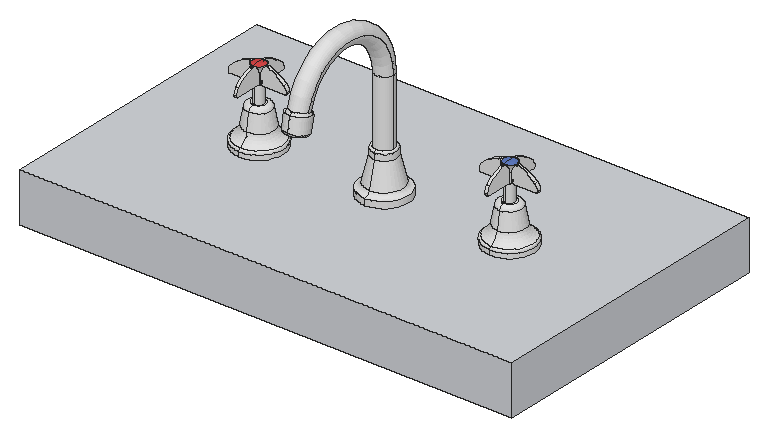
Revit family
Parameters (values of type "49809 (Ceramic Disc)")
  WELSRating_ANZRS = "5 star"
  URL = "www.galvinengineering.com.au"
  Type Comments = "Vendal Resistant"
  StyleOrType_ANZRS = "Plumbing Fixture"
  Seating = "1/2 Turn Ceramic Disc"
  PlumbingMaterial_ANZRS = Metal_Taps_DR-Brass-with-Chrome-Finish_10800
  Outlet = ""
  ModifiedIssue_ANZRS = 20120629.01  # constant formula
  Model = "49809"
  Manufacturer = "Galvin Engineering"
  Keynote = "15400"
  Instructions = "http://www.galvinengineering.com.au/Installation_Guides_1.aspx"
  Inlet = "15mm BSP"
  FlowRate = 0.10 L/s
  FilterObject_ANZRS = "Vendal Resistant"
  DimWidth = 255 mm  # constant formula
  DimInletRadius = 7.5 mm  # constant formula
  DimHeight = 175 mm  # constant formula
  DimDepth = 110 mm  # constant formula
  Description = "Vandal Resistant Basin Set - Ceramic Disc"
  Default Elevation = 900 mm
  CreatedBy_ANZRS = "Galvin Engineering"  # constant formula
  CreatedByURL_ANZRS = "www.galvinengineering.com.au"
  CreatedByPhoneNo_ANZRS = "61-8-92495900"  # constant formula
  Assembly Code = "D2010"
Types (3, lengths in mm): name | Seating | Model | Description
  (no name) | "1/2 Turn Ceramic Disc" | "49809" | "Vandal Resistant Basin Set - Ceramic Disc"
  49908 (Jumper Valve) | "Jumper Valve" | "49908" | "Vandal Resistant Basin Set - Jumper Valve"
  49809 (Ceramic Disc) | "1/2 Turn Ceramic Disc" | "49809" | "Vandal Resistant Basin Set - Ceramic Disc"
Reference planes
  plane 1 "Back": y = 0
  plane 2 "Face": z = 0
  plane 3 "Center (Left/Right)": x = 0
  plane 4 "Left": x = -127.5
  plane 5 "Right": x = 127.5
  plane 6 "Top": z = 175
  plane 7 "Front": y = -110
Forms (mm)
  Extrusion 1, solid
    sketch origin (0, -719.2, 0) x (1, 0, 0) y (0, 1, 0)
      loop
        line (-250, 869.2) -> (-250, 569.2) -> (250, 569.2) -> (250, 869.2) -> (-250, 869.2)
    from 0 to -50
  Revolve 2, solid, material "Metal_Taps_DR-Brass-with-Chrome-Finish_10800" <- "PlumbingMaterial_ANZRS"
    sketch origin (-127.5, 0, 0) x (0, 1, 0) y (0, 0, 1)
      loop
        line (0, 74.436) -> (-7.407, 74.436)
        arc (-7.407, 74.436) -> (-3.989, 70.707) -> (-2.75, 65.802) r 10.333
        line (-2.75, 65.802) -> (-2.75, 56.036) -> (-4.919, 56.036) -> (-4.919, 39) -> (-7.33, 39)
        arc (-7.33, 39) -> (-10.552, 37.823) -> (-12.258, 34.846) r 5
        line (-12.258, 34.846) -> (-15.129, 18.129)
        arc (-15.129, 18.129) -> (-17.907, 11.675) -> (-23.319, 7.195) r 15
        arc (-23.319, 7.195) -> (-24.545, 6.088) -> (-25, 4.5) r 3
        line (-25, 4.5) -> (-25, 0) -> (0, 0) -> (0, 74.436)
      axis (0, 0) -> (0, 74.436)
    angle from 0 to 360
  Extrusion 3, solid, material "Metal_Taps_DR-Brass-with-Chrome-Finish_10800" <- "PlumbingMaterial_ANZRS"
    sketch origin (-127.5, 0, 0) x (0, 1, 0) y (0, 0, 1)
      loop
        line (-27.98, 56.036) -> (28.02, 56.036)
        arc (28.02, 56.036) -> (29.11, 56.505) -> (29.518, 57.62) r 1.5
        arc (29.518, 57.62) -> (28.88, 61.161) -> (26.905, 64.169) r 9
        arc (26.905, 64.169) -> (19.204, 70.219) -> (10.263, 74.216) r 40
        arc (10.263, 74.216) -> (9.538, 74.381) -> (8.796, 74.436) r 5
        line (8.796, 74.436) -> (-8.62, 74.436)
        arc (-8.62, 74.436) -> (-9.363, 74.38) -> (-10.09, 74.215) r 5
        arc (-10.09, 74.215) -> (-19.14, 70.144) -> (-26.909, 63.971) r 40
        arc (-26.909, 63.971) -> (-28.831, 61.029) -> (-29.479, 57.576) r 9
        arc (-29.479, 57.576) -> (-29.054, 56.49) -> (-27.98, 56.036) r 1.5
    from -1.5 to 1.5
  Revolve 4, solid, material "Plastic_Taps_Red_10800"
    sketch origin (-127.5, 0, 0) x (0, 1, 0) y (0, 0, 1)
      loop
        line (0, 74.436) -> (0, 75.522)
        spline (0, 75.522) -> (-0.816, 75.513) -> (-1.618, 75.485) -> (-2.392, 75.44) -> (-3.125, 75.377) -> (-3.805, 75.298) -> (-4.419, 75.204) -> (-4.958, 75.097) -> (-5.413, 74.979) -> (-5.774, 74.852) -> (-6.037, 74.717) -> (-6.197, 74.578) -> (-6.25, 74.436)
        line (-6.25, 74.436) -> (0, 74.436)
      axis (0, 74.436) -> (0, 75.522)
    angle from 0 to 360
  Extrusion 5, solid, material "Metal_Taps_DR-Brass-with-Chrome-Finish_10800" <- "PlumbingMaterial_ANZRS"
    sketch origin (0, 0, 0) x (1, 0, 0) y (0, 0, 1)
      loop
        arc (-99.501, 56.036) -> (-98.426, 56.49) -> (-98.001, 57.576) r 1.5
        arc (-98.001, 57.576) -> (-98.65, 61.029) -> (-100.571, 63.971) r 9
        arc (-100.571, 63.971) -> (-108.341, 70.144) -> (-117.391, 74.215) r 40
        arc (-117.391, 74.215) -> (-118.117, 74.38) -> (-118.86, 74.436) r 5
        line (-118.86, 74.436) -> (-136.277, 74.436)
        arc (-136.277, 74.436) -> (-137.018, 74.381) -> (-137.743, 74.216) r 5
        arc (-137.743, 74.216) -> (-146.684, 70.219) -> (-154.385, 64.169) r 40
        arc (-154.385, 64.169) -> (-156.36, 61.161) -> (-156.999, 57.62) r 9
        arc (-156.999, 57.62) -> (-156.591, 56.505) -> (-155.501, 56.036) r 1.5
        line (-155.501, 56.036) -> (-99.501, 56.036)
    from -1.5 to 1.5
  Revolve 6, solid, material "Metal_Taps_DR-Brass-with-Chrome-Finish_10800" <- "PlumbingMaterial_ANZRS"
    sketch origin (127.5, 0, 0) x (0, 1, 0) y (0, 0, -1)
      loop
        line (0, -74.436) -> (0, 0) -> (-25, 0) -> (-25, -4.5)
        arc (-25, -4.5) -> (-24.545, -6.088) -> (-23.319, -7.195) r 3
        arc (-23.319, -7.195) -> (-17.907, -11.675) -> (-15.129, -18.129) r 15
        line (-15.129, -18.129) -> (-12.258, -34.846)
        arc (-12.258, -34.846) -> (-10.552, -37.823) -> (-7.33, -39) r 5
        line (-7.33, -39) -> (-4.919, -39) -> (-4.919, -56.036) -> (-2.75, -56.036) -> (-2.75, -65.802)
        arc (-2.75, -65.802) -> (-3.989, -70.707) -> (-7.407, -74.436) r 10.333
        line (-7.407, -74.436) -> (0, -74.436)
      axis (0, 0) -> (0, -74.436)
    angle from 0 to 360
  Extrusion 7, solid, material "Metal_Taps_DR-Brass-with-Chrome-Finish_10800" <- "PlumbingMaterial_ANZRS"
    sketch origin (127.5, 0, 0) x (0, 1, 0) y (0, 0, -1)
      loop
        arc (-27.98, -56.036) -> (-29.054, -56.49) -> (-29.479, -57.576) r 1.5
        arc (-29.479, -57.576) -> (-28.831, -61.029) -> (-26.909, -63.971) r 9
        arc (-26.909, -63.971) -> (-19.14, -70.144) -> (-10.09, -74.215) r 40
        arc (-10.09, -74.215) -> (-9.363, -74.38) -> (-8.62, -74.436) r 5
        line (-8.62, -74.436) -> (8.796, -74.436)
        arc (8.796, -74.436) -> (9.538, -74.381) -> (10.263, -74.216) r 5
        arc (10.263, -74.216) -> (19.204, -70.219) -> (26.905, -64.169) r 40
        arc (26.905, -64.169) -> (28.88, -61.161) -> (29.518, -57.62) r 9
        arc (29.518, -57.62) -> (29.11, -56.505) -> (28.02, -56.036) r 1.5
        line (28.02, -56.036) -> (-27.98, -56.036)
    from -1.5 to 1.5
  Revolve 8, solid, material "Plastic_Taps_Blue_10800"
    sketch origin (127.5, 0, 0) x (0, 1, 0) y (0, 0, -1)
      loop
        line (0, -74.436) -> (-6.25, -74.436)
        spline (-6.25, -74.436) -> (-6.197, -74.578) -> (-6.037, -74.717) -> (-5.774, -74.852) -> (-5.413, -74.979) -> (-4.958, -75.097) -> (-4.419, -75.204) -> (-3.805, -75.298) -> (-3.125, -75.377) -> (-2.392, -75.44) -> (-1.618, -75.485) -> (-0.816, -75.513) -> (0, -75.522)
        line (0, -75.522) -> (0, -74.436)
      axis (0, -74.436) -> (0, -75.522)
    angle from 0 to 360
  Extrusion 9, solid, material "Metal_Taps_DR-Brass-with-Chrome-Finish_10800" <- "PlumbingMaterial_ANZRS"
    sketch origin (0, 0, 0) x (-1, 0, 0) y (0, 0, -1)
      loop
        line (-99.501, -56.036) -> (-155.501, -56.036)
        arc (-155.501, -56.036) -> (-156.591, -56.505) -> (-156.999, -57.62) r 1.5
        arc (-156.999, -57.62) -> (-156.36, -61.161) -> (-154.385, -64.169) r 9
        arc (-154.385, -64.169) -> (-146.684, -70.219) -> (-137.743, -74.216) r 40
        arc (-137.743, -74.216) -> (-137.018, -74.381) -> (-136.277, -74.436) r 5
        line (-136.277, -74.436) -> (-118.86, -74.436)
        arc (-118.86, -74.436) -> (-118.117, -74.38) -> (-117.391, -74.215) r 5
        arc (-117.391, -74.215) -> (-108.341, -70.144) -> (-100.571, -63.971) r 40
        arc (-100.571, -63.971) -> (-98.65, -61.029) -> (-98.001, -57.576) r 9
        arc (-98.001, -57.576) -> (-98.426, -56.49) -> (-99.501, -56.036) r 1.5
    from -1.5 to 1.5
  Revolve 10, solid, material "Metal_Taps_DR-Brass-with-Chrome-Finish_10800" <- "PlumbingMaterial_ANZRS"
    sketch origin (0, 0, 0) x (0, 1, 0) y (0, 0, 1)
      loop
        line (0, 44.5) -> (-10, 44.5)
        arc (-10, 44.5) -> (-11.414, 43.914) -> (-12, 42.5) r 2
        line (-12, 42.5) -> (-12, 36.5) -> (-18.433, 11.031)
        arc (-18.433, 11.031) -> (-20.563, 7.766) -> (-24.25, 6.5) r 6
        line (-24.25, 6.5) -> (-24.25, 0) -> (0, 0) -> (0, 44.5)
      axis (0, 0) -> (0, 44.5)
    angle from 0 to 360
  Sweep 11, solid, material "Metal_Taps_DR-Brass-with-Chrome-Finish_10800" <- "PlumbingMaterial_ANZRS"
    path origin (0, 0, 0) x (0, 1, 0) y (0, 0, 1)
      loop
        arc (-109.051, 118.174) -> (-51.515, 166.41) -> (0, 111.791) r 54.712
        line (0, 111.791) -> (0, 44.5)
    profile origin (0, 0, 78.146) x (1, 0, 0) y (0, 1, 0)
      loop
        circle (0, 0) r 9.5
  Revolve 12, solid, material "Metal_Taps_DR-Brass-with-Chrome-Finish_10800" <- "PlumbingMaterial_ANZRS"
    sketch origin (0, 0, 0) x (0, 1, 0) y (0, 0, 1)
      loop
        line (-120.239, 123.841) -> (-122.931, 108.577)
        arc (-122.931, 108.577) -> (-122.682, 107.456) -> (-121.714, 106.839) r 1.5
        line (-121.714, 106.839) -> (-120.237, 106.579) -> (-117.285, 123.32) -> (-108.717, 121.81) -> (-108.196, 124.764) -> (-117.489, 126.403) -> (-119.057, 123.633) -> (-120.239, 123.841)
      axis (-108.196, 124.764) -> (-111.669, 105.068)
    angle from 0 to 360
Cuts and joins
  joined: Sweep 11, Revolve 12
Dimensions and locks
  "DimHeight": plane 2 "Face" to plane 6 "Top"
  "DimWidth": plane 4 "Left" to plane 5 "Right"
  "DimDepth": plane 1 "Back" to plane 7 "Front"
  aligned and locked: plane 2 "Face" to Extrusion 1
  aligned and locked: level to Extrusion 1
Automatic sketch dimensions
  Extrusion 1 sketch curve to Extrusion 1 sketch curve = 500 mm
  Extrusion 1 sketch curve to Extrusion 1 sketch curve = 300 mm
  Revolve 2 sketch curve to level = 0 mm
  Revolve 2 sketch curve to plane 1 "Back" = 0 mm  (x2)
  plane 1 "Back" to Revolve 2 sketch curve = 2.75 mm
  plane 1 "Back" to Revolve 2 sketch curve = 4.919 mm
  Revolve 2 sketch curve to Revolve 2 sketch curve = 2.411 mm
  plane 1 "Back" to Revolve 2 sketch curve = 7.407 mm
  Revolve 2 sketch curve to Revolve 2 sketch curve = 4.928 mm
  Revolve 2 sketch curve to Revolve 2 sketch curve = 10.333 mm
  plane 1 "Back" to Revolve 2 sketch curve = 15.129 mm
  level to Revolve 2 sketch curve = 4.5 mm
  Revolve 2 sketch curve to Revolve 2 sketch curve = 6.871 mm
  Revolve 2 sketch curve to Revolve 2 sketch curve = 1.319 mm
  Revolve 2 sketch curve to Revolve 2 sketch curve = 0 mm
  Revolve 2 sketch curve to Revolve 2 sketch curve = 3 mm
  Revolve 2 sketch curve to Revolve 2 sketch curve = 14.784 mm
  Revolve 2 sketch curve to Revolve 2 sketch curve = 14.703 mm
  Revolve 2 sketch curve to Revolve 2 sketch curve = 15.871 mm
  Revolve 2 sketch curve to Revolve 2 sketch curve = 0.846 mm
  Revolve 2 sketch curve to Revolve 2 sketch curve = 17.036 mm
  Revolve 2 sketch curve to Revolve 2 sketch curve = 9.766 mm
  Revolve 2 sketch curve to Revolve 2 sketch curve = 8.161 mm
  plane 1 "Back" to Extrusion 3 sketch curve = 29.479 mm
  Extrusion 3 sketch curve to Extrusion 3 sketch curve = 1.499 mm
  Extrusion 3 sketch curve to Extrusion 3 sketch curve = 1.07 mm
  Extrusion 3 sketch curve to Extrusion 3 sketch curve = 0 mm  (x4)
  Extrusion 3 sketch curve to Extrusion 3 sketch curve = 7.5 mm  (x2)
  plane 1 "Back" to Extrusion 3 sketch curve = 10.09 mm
  Extrusion 3 sketch curve to Extrusion 3 sketch curve = 1.47 mm
  plane 1 "Back" to Extrusion 3 sketch curve = 1.47 mm
  Extrusion 3 sketch curve to plane 1 "Back" = 1.667 mm
  Extrusion 3 sketch curve to plane 1 "Back" = 8.796 mm
  Extrusion 3 sketch curve to Extrusion 3 sketch curve = 1.467 mm
  Extrusion 3 sketch curve to Extrusion 3 sketch curve = 11.724 mm
  Extrusion 3 sketch curve to Extrusion 3 sketch curve = 6.384 mm
  Extrusion 3 sketch curve to Extrusion 3 sketch curve = 1.498 mm
  level to Extrusion 3 sketch curve = 35.976 mm
  Extrusion 3 sketch curve to Extrusion 3 sketch curve = 0.006 mm
  Extrusion 3 sketch curve to Extrusion 3 sketch curve = 20.054 mm
  Extrusion 3 sketch curve to Extrusion 3 sketch curve = 1.5 mm
  Revolve 4 sketch curve to plane 1 "Back" = 0 mm  (x2)
  plane 1 "Back" to Revolve 4 sketch curve = 6.25 mm
  level to Revolve 4 sketch curve = 68.546 mm
  Revolve 4 sketch curve to Revolve 4 sketch curve = 5.89 mm
  Revolve 4 sketch curve to Revolve 4 sketch curve = 1.086 mm
  Revolve 4 sketch curve to Revolve 4 sketch curve = 6.727 mm
  Extrusion 5 sketch curve to plane 4 "Left" = 29.499 mm
  Extrusion 5 sketch curve to Extrusion 5 sketch curve = 1.498 mm
  Extrusion 5 sketch curve to Extrusion 5 sketch curve = 1.116 mm
  Extrusion 5 sketch curve to Extrusion 5 sketch curve = 0 mm  (x4)
  Extrusion 5 sketch curve to Extrusion 5 sketch curve = 7.5 mm  (x2)
  Extrusion 5 sketch curve to plane 4 "Left" = 10.243 mm
  Extrusion 5 sketch curve to Extrusion 5 sketch curve = 1.467 mm
  Extrusion 5 sketch curve to plane 4 "Left" = 1.647 mm
  plane 4 "Left" to Extrusion 5 sketch curve = 1.49 mm
  plane 4 "Left" to Extrusion 5 sketch curve = 8.64 mm
  Extrusion 5 sketch curve to Extrusion 5 sketch curve = 1.47 mm
  Extrusion 5 sketch curve to Extrusion 5 sketch curve = 11.859 mm
  Extrusion 5 sketch curve to Extrusion 5 sketch curve = 6.43 mm
  Extrusion 5 sketch curve to Extrusion 5 sketch curve = 1.499 mm
  level to Extrusion 5 sketch curve = 35.976 mm
  Extrusion 5 sketch curve to Extrusion 5 sketch curve = 0.006 mm
  Extrusion 5 sketch curve to Extrusion 5 sketch curve = 20.054 mm
  Extrusion 5 sketch curve to Extrusion 5 sketch curve = 1.5 mm
  Revolve 6 sketch curve to level = 0 mm
  Revolve 6 sketch curve to plane 1 "Back" = 0 mm  (x2)
  plane 1 "Back" to Revolve 6 sketch curve = 2.75 mm
  plane 1 "Back" to Revolve 6 sketch curve = 4.919 mm
  Revolve 6 sketch curve to Revolve 6 sketch curve = 2.411 mm
  plane 1 "Back" to Revolve 6 sketch curve = 7.407 mm
  Revolve 6 sketch curve to Revolve 6 sketch curve = 4.928 mm
  Revolve 6 sketch curve to Revolve 6 sketch curve = 10.333 mm
  plane 1 "Back" to Revolve 6 sketch curve = 15.129 mm
  level to Revolve 6 sketch curve = 4.5 mm
  Revolve 6 sketch curve to Revolve 6 sketch curve = 6.871 mm
  Revolve 6 sketch curve to Revolve 6 sketch curve = 1.319 mm
  Revolve 6 sketch curve to Revolve 6 sketch curve = 0 mm
  Revolve 6 sketch curve to Revolve 6 sketch curve = 3 mm
  Revolve 6 sketch curve to Revolve 6 sketch curve = 14.784 mm
  Revolve 6 sketch curve to Revolve 6 sketch curve = 15.871 mm
  Revolve 6 sketch curve to Revolve 6 sketch curve = 0.846 mm
  Revolve 6 sketch curve to Revolve 6 sketch curve = 17.036 mm
  Revolve 6 sketch curve to Revolve 6 sketch curve = 9.766 mm
  Revolve 6 sketch curve to Revolve 6 sketch curve = 8.161 mm
  Revolve 6 sketch curve to Revolve 6 sketch curve = 14.703 mm
  plane 1 "Back" to Extrusion 7 sketch curve = 29.479 mm
  Extrusion 7 sketch curve to Extrusion 7 sketch curve = 1.499 mm
  Extrusion 7 sketch curve to Extrusion 7 sketch curve = 1.07 mm
  Extrusion 7 sketch curve to Extrusion 7 sketch curve = 0 mm  (x4)
  Extrusion 7 sketch curve to Extrusion 7 sketch curve = 7.5 mm  (x2)
  plane 1 "Back" to Extrusion 7 sketch curve = 10.09 mm
  Extrusion 7 sketch curve to Extrusion 7 sketch curve = 1.47 mm
  plane 1 "Back" to Extrusion 7 sketch curve = 1.47 mm
  Extrusion 7 sketch curve to plane 1 "Back" = 1.667 mm
  Extrusion 7 sketch curve to plane 1 "Back" = 8.796 mm
  Extrusion 7 sketch curve to Extrusion 7 sketch curve = 1.467 mm
  Extrusion 7 sketch curve to Extrusion 7 sketch curve = 11.724 mm
  Extrusion 7 sketch curve to Extrusion 7 sketch curve = 6.384 mm
  Extrusion 7 sketch curve to Extrusion 7 sketch curve = 1.498 mm
  level to Extrusion 7 sketch curve = 74.436 mm
  Extrusion 7 sketch curve to Extrusion 7 sketch curve = 0.22 mm
  Extrusion 7 sketch curve to Extrusion 7 sketch curve = 0.221 mm
  Extrusion 7 sketch curve to Extrusion 7 sketch curve = 0.084 mm
  Revolve 8 sketch curve to plane 1 "Back" = 0 mm  (x2)
  plane 1 "Back" to Revolve 8 sketch curve = 6.25 mm
  level to Revolve 8 sketch curve = 82.25 mm
  Revolve 8 sketch curve to Revolve 8 sketch curve = 6.727 mm
  Revolve 8 sketch curve to Revolve 8 sketch curve = 1.086 mm
  Revolve 8 sketch curve to Revolve 8 sketch curve = 5.89 mm
  plane 5 "Right" to Extrusion 9 sketch curve = 29.499 mm
  Extrusion 9 sketch curve to Extrusion 9 sketch curve = 1.498 mm
  Extrusion 9 sketch curve to Extrusion 9 sketch curve = 1.116 mm
  Extrusion 9 sketch curve to Extrusion 9 sketch curve = 0 mm  (x4)
  Extrusion 9 sketch curve to Extrusion 9 sketch curve = 7.5 mm  (x2)
  plane 5 "Right" to Extrusion 9 sketch curve = 10.243 mm
  Extrusion 9 sketch curve to Extrusion 9 sketch curve = 1.467 mm
  plane 5 "Right" to Extrusion 9 sketch curve = 1.647 mm
  Extrusion 9 sketch curve to plane 5 "Right" = 1.49 mm
  Extrusion 9 sketch curve to plane 5 "Right" = 8.64 mm
  Extrusion 9 sketch curve to Extrusion 9 sketch curve = 1.47 mm
  Extrusion 9 sketch curve to Extrusion 9 sketch curve = 11.859 mm
  Extrusion 9 sketch curve to Extrusion 9 sketch curve = 6.43 mm
  Extrusion 9 sketch curve to Extrusion 9 sketch curve = 1.499 mm
  Extrusion 9 sketch curve to level = 35.976 mm
  Extrusion 9 sketch curve to Extrusion 9 sketch curve = 0.006 mm
  Extrusion 9 sketch curve to Extrusion 9 sketch curve = 20.054 mm
  Extrusion 9 sketch curve to Extrusion 9 sketch curve = 1.5 mm
  Sweep 11 sketch curve to plane 1 "Back" = 0 mm
  Sweep 11 sketch curve to Sweep 11 sketch curve = 54.712 mm
  Sweep 11 sketch curve to Sweep 11 sketch curve = 54.339 mm
  level to Sweep 11 sketch curve = 44.5 mm
  plane 6 "Top" to Sweep 11 sketch curve = 63.209 mm
  Sweep 11 sketch curve to plane 3 "Center (Left/Right)" = 0 mm
  profile plane to Sweep 11 sketch curve = 0 mm
  plane 1 "Back" to Revolve 12 sketch curve = 122.931 mm
  plane 6 "Top" to Revolve 12 sketch curve = 68.161 mm
  Revolve 12 sketch curve to Revolve 12 sketch curve = 1.217 mm
  Revolve 12 sketch curve to Revolve 12 sketch curve = 0.26 mm
  plane 6 "Top" to Revolve 12 sketch curve = 51.159 mm
  Revolve 12 sketch curve to Revolve 12 sketch curve = 2.692 mm
  Revolve 12 sketch curve to Revolve 12 sketch curve = 1.477 mm
  plane 6 "Top" to Revolve 12 sketch curve = 51.367 mm
  Revolve 12 sketch curve to Revolve 12 sketch curve = 1.182 mm
  plane 6 "Top" to Revolve 12 sketch curve = 48.597 mm
  Revolve 12 sketch curve to Revolve 12 sketch curve = 1.569 mm
  plane 6 "Top" to Revolve 12 sketch curve = 51.68 mm
  Revolve 12 sketch curve to Revolve 12 sketch curve = 1.773 mm
  Revolve 12 sketch curve to Revolve 12 sketch curve = 7.938 mm
  Revolve 12 sketch curve to Revolve 12 sketch curve = 7.591 mm
  plane 6 "Top" to Revolve 12 sketch curve = 53.19 mm
  Revolve 12 sketch curve to Revolve 12 sketch curve = 5.081 mm
  Revolve 12 sketch curve to Revolve 12 sketch curve = 5.54 mm
  Revolve 10 sketch curve to level = 0 mm
  Revolve 10 sketch curve to plane 1 "Back" = 0 mm  (x2)
  Revolve 10 sketch curve to Revolve 10 sketch curve = 10 mm
  Revolve 10 sketch curve to Revolve 10 sketch curve = 2 mm
  plane 1 "Back" to Revolve 10 sketch curve = 18.433 mm
  Revolve 10 sketch curve to Revolve 10 sketch curve = 5.817 mm
  Revolve 10 sketch curve to Revolve 10 sketch curve = 6.5 mm
  Revolve 10 sketch curve to Revolve 10 sketch curve = 4.531 mm
  Revolve 10 sketch curve to Revolve 10 sketch curve = 14.703 mm
  Revolve 10 sketch curve to Revolve 10 sketch curve = 21.797 mm
  Revolve 10 sketch curve to Revolve 10 sketch curve = 6 mm
  Revolve 10 sketch curve to Revolve 10 sketch curve = 18.648 mm
  radius of Sweep 11 sketch curve = 9.5 mm
Connectors
  piping at (0, 0, 0), driven by "DimInletRadius", driven by "FlowRate"
    settings: on Revolve 10, index 1, connector radius 0.29528", flow factor 0, pipe flow 0.10 L/s, pressure drop 0.00 psi, fitting loss kfactor 0, connector angle 0.00°, fixture units 0, flow configuration 1, flow direction 1, fitting loss method 4, system type 20, connector reference index -1, connector utility 0, adjustable connector no, is connector primary yes, fitting loss table "", connector description "Inlet"
